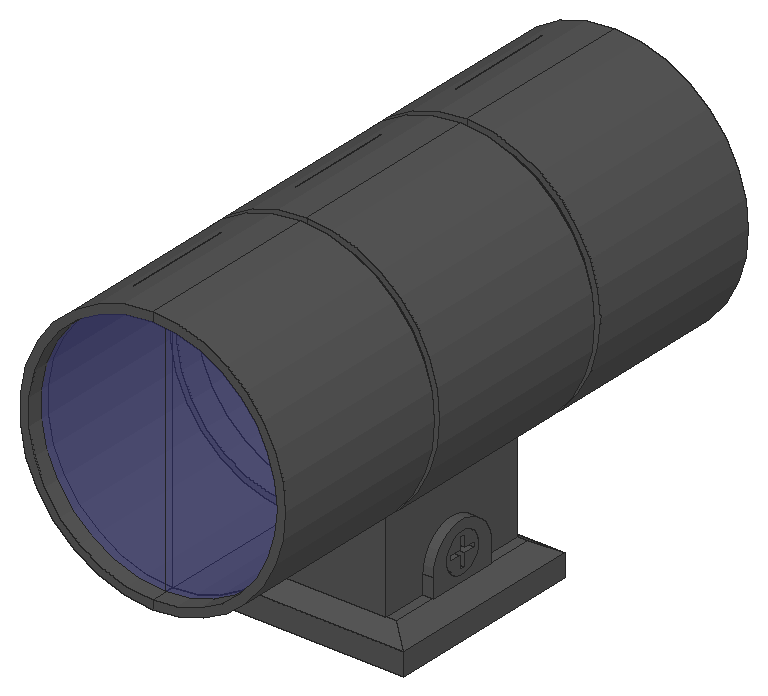
Revit family "CARLO CYLINDER LIGHT WALL MOUNT", category Lighting Fixtures, host Face, Revit 2020 (continued)
Types (10): name | Wattage_Input | Wattage Comments | Wattage | Photometric Web File | built-in parameter 1150142 | Model | built-in parameter 1150105 | Lumens | Light Length 1 | LIGHT RADIUS | LIGHT PLACEMENT | LIGHT LENGTH | LIGHT DIA | built-in parameter 1150106 | FIXED END HEIGHT | Curve base Height | Base Curve | BEAMING ANGLE | Apparent Load
    5.69 138.37 140.17 142.26 144.24 146 147.77 149.76 151.89 154.16 \r\n 156.61 159.32 162.26 165.37 168.8 172.68 177 181.7 187.07 193.33 \r\n 200.62 209.11 218.94 230.4 243.14 256.81 271.61 287.81 304.8 321.9 \r\n 339.6 358.29 377.54 397.16 416.81 435.76 454.92 475.31 495.86 515.62 \r\n 535.34 555.77 575.98 595.09 613.74 632.33 650.74 669.06 687.01 704.32 \r\n 720.97 736.68 751.88 767 781.78 796.36 810.05 822.06 832.92 842.97 \r\n 852.07 860.23 867.35 873.22 878.22 882.74 886.68 890.2 892.98 894.72 \r\n 896.17 \r\n892.81 896.07 895.65 893.32 889.59 884.91 879.22 872.51 865.08 857.46 \r\n 849.01 839.07 828.19 816.82 804.63 791.34 777.17 762.18 746.64 730.95 \r\n 714.72 697.48 679.73 661.92 643.74 624.98 605.83 586.48 566.8 546.49 \r\n 526.17 506.58 487.01 466.77 446.53 426.83 407.45 388.37 369.57 350.95 \r\n 332.74 315.16 298.17 281.65 266.11 252.4 239.4 225.67 213.08 203.43 \r\n 195.55 188.95 183.4 178.47 174.18 170.43 167.09 163.99 161.15 158.54 \r\n 156.14 153.9 151.81 149.82 147.95 146.24 144.63 143.11 141.58 139.95 \r\n 138.17 136.42 133.95 130.04 124.91 118.36 110.91 102.92 94.655 86.588 \r\n 78.438 70.037 61.52 52.84 44.386 36.459 29.281 23.193 18.141 14.142 \r\n 11.335 10.213 9.7331 8.9181 8.0712 7.1115 6.2134 5.5358 5.0439 4.8101 \r\n 4.6703 4.4675 4.2522 4.0146 3.7789 3.5687 3.3762 3.2023 3.0445 2.9037 \r\n 2.7704 2.6329 2.4989 2.3768 2.2525 2.1035 1.9631 1.8689 1.7867 1.6919 \r\n 1.5937 1.4886 1.3907 1.3225 1.2554 1.1571 1.0609 0.99575 0.94269 0.89594 \r\n 0.84519 0.76901 0.69502 0.65096 0.61508 0.57429 0.5309 0.47945 0.43011 0.39365 \r\n 0.36282 0.33502 0.3071 0.27178 0.2388 0.21881 0.20186 0.17955 0.15787 0.14114 \r\n 0.12597 0.11003 0.094474 0.079139 0.065612 0.056733 0.048577 0.036726 0.025496 0.018615 \r\n 0.013434 0.0080309 0.0039479 0.0026388 0.0024443 0.0021817 0.0018756 0.00091534 0.000023 0 \r\n 0 0 0 0 0 0 0 0 0 0 \r\n 0 0 0 0 0 0 0 0 0 0 \r\n 0 0 0 0 0.000035 0.0049874 0.010898 0.014446 0.0186 0.025414 \r\n 0.034318 0.046239 0.05874 0.069208 0.079103 0.088477 0.098937 0.11322 0.12799 0.13952 \r\n 0.15167 0.16743 0.18576 0.20618 0.23004 0.26097 0.29169 0.31278 0.33433 0.36475 \r\n 0.39969 0.43851 0.47851 0.51531 0.55334 0.59606 0.64206 0.694 0.75004 0.80946 \r\n 0.8716 0.93575 1.0013 1.0647 1.1338 1.2204 1.3083 1.3798 1.4504 1.5282 \r\n 1.6165 1.7271 1.8413 1.9372 2.036 2.1571 2.2847 2.4095 2.5308 2.6392 \r\n 2.7517 2.8771 3.0296 3.2349 3.4668 3.7107 3.9572 4.1799 4.4148 4.6874 \r\n 5.0027 5.3899 5.8009 6.1737 6.5788 7.0744 7.6352 8.2686 8.9345 9.5231 \r\n 10.251 11.053 12.663 15.935 20.449 26.144 32.794 40.296 48.217 55.916 \r\n 63.909 72.7 81.688 90.465 98.957 107.09 114.45 120.25 125.45 131.22 \r\n 136.16 138.73 140.48 142.57 144.56 146.33 148.11 150.14 152.32 154.63 \r\n 157.12 159.85 162.8 165.92 169.37 173.29 177.67 182.43 187.89 194.28 \r\n 201.73 210.41 220.41 232.01 244.85 258.67 273.59 289.87 306.91 324.03 \r\n 341.72 360.41 379.64 399.2 418.78 437.73 456.89 477.19 497.69 517.56 \r\n 537.36 557.59 577.55 596.57 615.18 633.76 652.13 670.3 688.1 705.37 \r\n 722.05 737.92 753.3 768.5 783.27 797.66 811.14 823.08 833.9 843.87 \r\n 852.88 860.93 867.96 873.77 878.74 883.23 887.15 890.59 893.27 894.9 \r\n 896.17 \r\n892.81 896.12 895.71 893.49 889.86 885.2 879.52 872.85 865.47 857.85 \r\n 849.42 839.58 828.8 817.38 805.13 791.95 777.94 763.07 747.59 731.79 \r\n 715.48 698.51 681.04 663.23 644.99 626.21 607.07 587.76 568.13 547.94 \r\n 527.72 508.1 488.49 468.32 448.16 428.41 408.96 389.83 370.99 352.38 \r\n 334.18 316.57 299.56 283.09 267.51 253.41 240.04 226.32 213.83 204.1 \r\n 196.11 189.44 183.84 178.88 174.59 170.85 167.53 164.43 161.58 158.96 \r\n 156.54 154.31 152.24 150.26 148.38 146.62 144.94 143.41 141.86 140.18 \r\n 138.38 136.76 134.38 130.17 124.82 118.65 111.66 103.85 95.629 87.453 \r\n 79.163 70.752 62.223 53.403 44.809 36.87 29.679 23.461 18.249 14.105 \r\n 11.17 9.95 9.4118 8.5934 7.7863 6.9176 6.1184 5.5043 5.0497 4.8125 \r\n 4.6573 4.4546 4.2447 4.0181 3.7941 3.5913 3.4025 3.2262 3.0642 2.9206 \r\n 2.7867 2.6548 2.5262 2.4027 2.2753 2.1247 1.9845 1.8947 1.8159 1.7162 \r\n 1.6127 1.5087 1.4135 1.3469 1.2804 1.1799 1.0816 1.0174 0.96545 0.91753 \r\n 0.8648 0.78625 0.71023 0.66585 0.62994 0.58942 0.54617 0.49394 0.44401 0.40838 \r\n 0.37862 0.35122 0.3234 0.28798 0.25462 0.23376 0.21597 0.19346 0.17182 0.15509 \r\n 0.14013 0.12507 0.11014 0.09408 0.079383 0.069236 0.060297 0.049347 0.039208 0.032416 \r\n 0.026614 0.019565 0.013437 0.010142 0.0082139 0.0071303 0.0059634 0.0028826 0.000074 0 \r\n 0 0 0 0 0 0 0 0 0 0 \r\n 0 0 0 0 0 0 0 0 0 0 \r\n 0 0 0 0 0 0.0035598 0.0079519 0.010886 0.014611 0.020616 \r\n 0.028883 0.040855 0.053637 0.06434 0.07438 0.083454 0.093832 0.10919 0.12501 0.13618 \r\n 0.14822 0.16592 0.18625 0.2072 0.2305 0.2587 0.28738 0.31072 0.33541 0.36747 \r\n 0.40301 0.44017 0.47892 0.51826 0.55924 0.60248 0.64844 0.70003 0.75586 0.81645 \r\n 0.8791 0.93988 1.003 1.071 1.1447 1.2295 1.3148 1.3878 1.4617 1.5462 \r\n 1.6395 1.7468 1.8567 1.9531 2.0557 2.186 2.3217 2.4446 2.5638 2.6793 \r\n 2.8016 2.9374 3.0978 3.3032 3.5333 3.7792 4.0277 4.2532 4.484 4.739 \r\n 5.0204 5.3392 5.6888 6.0536 6.4718 6.9867 7.5676 8.2096 8.8784 9.4262 \r\n 10.188 11.253 13.212 16.842 21.672 27.538 34.284 41.825 49.778 57.607 \r\n 65.684 74.354 83.175 91.857 100.29 108.44 115.82 121.64 126.76 132.15 \r\n 136.7 139.2 140.96 143.04 145.04 146.84 148.66 150.73 152.96 155.31 \r\n 157.85 160.61 163.59 166.74 170.23 174.21 178.65 183.5 189.06 195.63 \r\n 203.28 212.17 222.43 234.45 247.62 261.33 276.06 292.33 309.43 326.7 \r\n 344.54 363.3 382.51 401.83 421.21 440.31 459.64 479.81 500.17 520.18 \r\n 540.08 560.01 579.67 598.66 617.32 635.87 654.16 672.11 689.69 706.84 \r\n 723.52 739.68 755.34 770.56 785.22 799.38 812.64 824.51 835.28 845.06 \r\n 853.86 861.77 868.7 874.43 879.37 883.89 887.82 891.15 893.66 895.11 \r\n 896.17 \r\n892.81 896.15 895.75 893.61 890.09 885.45 879.77 873.16 865.83 858.18 \r\n 849.74 840.02 829.34 817.87 805.57 792.5 778.64 763.88 748.45 732.51 \r\n 716.1 699.4 682.22 664.4 646.09 627.31 608.19 588.91 569.33 549.26 \r\n 529.13 509.45 489.78 469.69 449.61 429.82 410.3 391.1 372.22 353.62 \r\n 335.44 317.79 300.75 284.34 268.73 254.21 240.44 226.8 214.47 204.68 \r\n 196.6 189.86 184.2 179.22 174.91 171.2 167.91 164.81 161.95 159.3 \r\n 156.87 154.65 152.59 150.62 148.75 146.93 145.2 143.64 142.08 140.35 \r\n 138.52 136.97 134.61 130.1 124.54 118.75 112.24 104.62 96.442 88.133 \r\n 79.682 71.267 62.742 53.803 45.091 37.161 29.972 23.623 18.255 14.011 \r\n 10.99 9.6719 9.0636 8.2426 7.4797 6.7094 6.0172 5.4714 5.0569 4.8162 \r\n 4.6444 4.441 4.2355 4.0195 3.8072 3.6121 3.4277 3.2497 3.0841 2.9376 \r\n 2.803 2.6769 2.5538 2.428 2.2971 2.1462 2.0071 1.9214 1.8452 1.7405 \r\n 1.6317 1.5297 1.4379 1.3725 1.3062 1.2047 1.1052 1.0414 0.98967 0.93994 \r\n 0.8849 0.80449 0.72695 0.68174 0.64513 0.60494 0.5621 0.50932 0.45901 0.42437 \r\n 0.39571 0.36843 0.34047 0.30518 0.27173 0.24995 0.23123 0.20852 0.18693 0.17013 \r\n 0.15535 0.14138 0.12727 0.11051 0.094618 0.083198 0.073481 0.063487 0.054445 0.04757 \r\n 0.040924 0.032062 0.023723 0.018248 0.014383 0.012257 0.010056 0.0048277 0.00012457 0 \r\n 0 0 0 0 0 0 0 0 0 0 \r\n 0 0 0 0 0 0 0 0 0 0 \r\n 0 0 0 0 0 0.002028 0.004741 0.0070129 0.010221 0.01514 \r\n 0.022452 0.034228 0.047074 0.057801 0.067867 0.076757 0.087194 0.10354 0.12036 0.13141 \r\n 0.14355 0.16316 0.18539 0.20686 0.22961 0.25504 0.28164 0.30736 0.33527 0.36888 \r\n 0.4049 0.44032 0.47778 0.51972 0.56372 0.60724 0.65299 0.70437 0.7601 0.82146 \r\n 0.88416 0.94131 1.002 1.0751 1.154 1.2362 1.3185 1.3934 1.4714 1.5624 \r\n 1.6604 1.7639 1.8692 1.9663 2.0727 2.2122 2.3561 2.4774 2.595 2.7173 \r\n 2.8494 2.9962 3.1653 3.3698 3.5972 3.8451 4.0959 4.3244 4.5511 4.7875 \r\n 5.0345 5.2853 5.5755 5.9379 6.3742 6.908 7.5065 8.1532 8.822 9.3286 \r\n 10.131 11.484 13.814 17.802 22.939 28.977 35.817 43.384 51.364 59.355 \r\n 67.552 76.1 84.739 93.301 101.65 109.78 117.17 123.08 128.18 133.12 \r\n 137.22 139.65 141.46 143.53 145.54 147.37 149.23 151.34 153.6 156.01 \r\n 158.59 161.38 164.38 167.57 171.1 175.13 179.64 184.56 190.23 196.96 \r\n 204.82 213.92 224.44 236.91 250.44 264.01 278.5 294.73 311.88 329.33 \r\n 347.35 366.18 385.35 404.42 423.6 442.87 462.4 482.46 502.68 522.82 \r\n 542.8 562.44 581.79 600.78 619.5 638.02 656.22 673.95 691.31 708.34 \r\n 725.04 741.49 757.45 772.65 787.17 801.09 814.11 825.92 836.63 846.22 \r\n 854.82 862.59 869.4 875.08 880.01 884.59 888.53 891.74 894.07 895.32 \r\n 896.17 \r\n892.81 896.16 895.76 893.71 890.28 885.67 880.02 873.47 866.19 858.51 \r\n 850.04 840.44 829.88 818.38 806.06 793.09 779.35 764.71 749.34 733.24 \r\n 716.73 700.27 683.36 665.54 647.16 628.41 609.33 590.07 570.55 550.58 \r\n 530.53 510.78 491.04 471.03 451.02 431.2 411.6 392.34 373.41 354.82 \r\n 336.65 318.96 301.87 285.52 269.89 254.96 240.81 227.27 215.12 205.28 \r\n 197.09 190.28 184.56 179.55 175.23 171.53 168.25 165.15 162.27 159.61 \r\n 157.15 154.94 152.89 150.94 149.06 147.19 145.41 143.83 142.26 140.49 \r\n 138.63 137.1 134.71 129.93 124.21 118.78 112.72 105.28 97.149 88.708 \r\n 80.097 71.68 63.166 54.138 45.339 37.424 30.236 23.749 18.228 13.918 \r\n 10.846 9.4313 8.7471 7.9258 7.2076 6.5286 5.9339 5.4487 5.0686 4.8237 \r\n 4.6361 4.4314 4.2296 4.0224 3.82 3.6319 3.4515 3.2726 3.1042 2.955 \r\n 2.8193 2.6982 2.5799 2.4516 2.3172 2.1668 2.0296 1.9466 1.8718 1.7626 \r\n 1.6496 1.5497 1.4612 1.3962 1.3297 1.2287 1.1295 1.0653 1.0125 0.96069 \r\n 0.90353 0.82208 0.74366 0.69706 0.65903 0.61927 0.57715 0.52405 0.4735 0.43973 \r\n 0.41197 0.3846 0.35637 0.32136 0.28801 0.26529 0.24558 0.22274 0.20125 0.18427 \r\n 0.16956 0.15671 0.14352 0.12611 0.1091 0.096563 0.086173 0.077028 0.068909 0.061786 \r\n 0.054199 0.043611 0.033213 0.025706 0.020022 0.016838 0.013621 0.0065055 0.00016864 0 \r\n 0 0 0 0 0 0 0 0 0 0 \r\n 0 0 0 0 0 0 0 0 0 0 \r\n 0 0 0 0 0 0.00066226 0.0018841 0.0036155 0.0063608 0.010123 \r\n 0.016357 0.027822 0.040607 0.051182 0.061164 0.070026 0.08067 0.097825 0.11548 0.1266 \r\n 0.13902 0.16032 0.1842 0.20614 0.22837 0.25125 0.27598 0.30403 0.33502 0.36992 \r\n 0.40621 0.44003 0.47636 0.52082 0.56762 0.61119 0.65658 0.70799 0.76381 0.82562 \r\n 0.88806 0.94186 1.0004 1.0786 1.1627 1.2421 1.3211 1.398 1.48 1.5771 \r\n 1.6793 1.7789 1.8796 1.9774 2.0876 2.2353 2.3867 2.5071 2.6237 2.7521 \r\n 2.8928 3.0505 3.2279 3.4307 3.6546 3.9043 4.1575 4.3889 4.6117 4.8301 \r\n 5.0458 5.2378 5.4787 5.8456 6.304 6.8561 7.4694 8.117 8.7839 9.254 \r\n 10.104 11.752 14.455 18.787 24.217 30.422 37.356 44.943 52.949 61.115 \r\n 69.444 77.886 86.349 94.777 103.02 111.08 118.45 124.48 129.59 134.08 \r\n 137.7 140.07 141.94 144 146 147.86 149.77 151.91 154.21 156.66 \r\n 159.28 162.08 165.1 168.33 171.91 175.97 180.53 185.53 191.3 198.19 \r\n 206.23 215.52 226.29 239.2 253.07 266.51 280.78 296.97 314.16 331.78 \r\n 349.97 368.86 387.99 406.83 425.82 445.28 465.01 484.97 505.06 525.3 \r\n 545.35 564.73 583.8 602.81 621.58 640.06 658.16 675.69 692.86 709.8 \r\n 726.52 743.25 759.47 774.63 788.98 802.65 815.44 827.18 837.83 847.27 \r\n 855.7 863.32 870.04 875.7 880.65 885.28 889.25 892.35 894.49 895.53 \r\n 896.17 \r\n892.81 896.15 895.76 893.78 890.45 885.9 880.29 873.81 866.58 858.88 \r\n 850.41 840.92 830.48 819 806.7 793.82 780.18 765.65 750.34 734.12 \r\n 717.53 701.27 684.59 666.76 648.34 629.63 610.62 591.41 571.92 552.03 \r\n 532.02 512.21 492.41 472.46 452.52 432.67 413.02 393.7 374.72 356.11 \r\n 337.94 320.2 303.07 286.77 271.11 255.84 241.38 227.92 215.9 205.99 \r\n 197.67 190.78 184.99 179.94 175.59 171.89 168.61 165.49 162.59 159.9 \r\n 157.42 155.2 153.16 151.21 149.33 147.42 145.6 144.01 142.43 140.64 \r\n 138.75 137.2 134.76 129.81 124 118.87 113.16 105.89 97.805 89.257 \r\n 80.513 72.089 63.586 54.51 45.661 37.752 30.545 23.912 18.238 13.885 \r\n 10.786 9.2812 8.521 7.7031 7.0266 6.4166 5.8928 5.4477 5.088 4.8374 \r\n 4.6368 4.4308 4.2316 4.0304 3.8348 3.6512 3.4737 3.2948 3.1249 2.9731 \r\n 2.8357 2.7178 2.6026 2.4718 2.3345 2.1855 2.0502 1.9678 1.8926 1.7804 \r\n 1.6649 1.5668 1.4806 1.4149 1.3477 1.2492 1.1522 1.0864 1.031 0.9773 \r\n 0.91874 0.83741 0.759 0.71023 0.67003 0.63085 0.58979 0.5366 0.48586 0.45259 \r\n 0.42529 0.39767 0.36915 0.3345 0.30133 0.27765 0.25695 0.23415 0.21287 0.19552 \r\n 0.18066 0.16883 0.15652 0.13856 0.1206 0.10727 0.096419 0.08785 0.0803 0.072776 \r\n 0.064271 0.052298 0.040314 0.031265 0.024201 0.020152 0.016127 0.0076709 0.00019958 0 \r\n 0 0 0 0 0 0 0 0 0 0 \r\n 0 0 0 0 0 0 0 0 0 0 \r\n 0 0 0 0 0 0 0 0.001482 0.00396 0.0067003 \r\n 0.011928 0.023103 0.035791 0.04607 0.055871 0.064901 0.075908 0.093597 0.1118 0.12315 \r\n 0.13597 0.15858 0.18369 0.20598 0.22781 0.24862 0.27189 0.30208 0.33577 0.37152 \r\n 0.4078 0.4404 0.47597 0.52265 0.57183 0.61519 0.66008 0.71183 0.76805 0.83006 \r\n 0.89211 0.94384 1.0005 1.0833 1.1717 1.2484 1.3242 1.4028 1.4883 1.5905 \r\n 1.6962 1.7922 1.8887 1.9874 2.1009 2.255 2.4123 2.5329 2.6496 2.7824 \r\n 2.9296 3.0968 3.2815 3.4818 3.7015 3.9527 4.2082 4.442 4.6617 4.8642 \r\n 5.0551 5.2063 5.4162 5.7958 6.2797 6.849 7.474 8.119 8.7831 9.2258 \r\n 10.129 12.063 15.122 19.771 25.471 31.839 38.867 46.474 54.505 62.836 \r\n 71.298 79.66 87.973 96.265 104.37 112.3 119.6 125.76 130.92 134.96 \r\n 138.11 140.44 142.36 144.41 146.39 148.28 150.23 152.39 154.72 157.2 \r\n 159.85 162.66 165.69 168.96 172.58 176.67 181.27 186.32 192.18 199.19 \r\n 207.4 216.86 227.84 241.11 255.27 268.65 282.78 298.93 316.16 333.9 \r\n 352.23 371.14 390.24 408.91 427.77 447.37 467.28 487.17 507.17 527.48 \r\n 547.56 566.74 585.6 604.61 623.42 641.83 659.82 677.21 694.26 711.15 \r\n 727.9 744.85 761.26 776.36 790.53 803.97 816.53 828.18 838.79 848.12 \r\n 856.43 863.93 870.56 876.25 881.26 885.95 889.93 892.92 894.9 895.73 \r\n 896.17 \r\n892.81 896.03 895.72 893.82 890.58 886.16 880.69 874.29 867.14 859.59 \r\n 851.26 841.84 831.5 820.3 808.27 795.44 781.81 767.34 752.1 735.98 \r\n 719.46 703.21 686.53 668.75 650.42 631.88 613.04 593.89 574.4 554.42 \r\n 534.34 514.58 494.83 474.86 454.89 435.09 415.48 396.09 377.02 358.34 \r\n 340.1 322.35 305.21 288.84 273.13 257.97 243.56 229.9 217.59 207.43 \r\n 198.9 191.85 185.94 180.8 176.37 172.57 169.2 166.02 163.08 160.35 \r\n 157.83 155.56 153.46 151.49 149.6 147.72 145.93 144.34 142.75 140.98 \r\n 139.11 137.56 135.17 130.47 124.89 119.76 114.02 106.81 98.808 90.326 \r\n 81.618 73.147 64.605 55.627 46.85 38.836 31.449 24.589 18.714 14.303 \r\n 11.186 9.6155 8.8033 8.0026 7.3397 6.6665 6.0604 5.5458 5.1341 4.8735 \r\n 4.6779 4.4715 4.2708 4.063 3.8599 3.6706 3.4898 3.3136 3.1471 2.9943 \r\n 2.8537 2.7293 2.6081 2.4766 2.3402 2.1924 2.0564 1.9657 1.8834 1.7762 \r\n 1.6667 1.5656 1.4744 1.4042 1.3359 1.2471 1.1588 1.0872 1.0242 0.97118 \r\n 0.91585 0.83835 0.76227 0.70948 0.66528 0.62781 0.58934 0.53609 0.48436 0.4494 \r\n 0.42059 0.39298 0.36486 0.33034 0.29701 0.27229 0.25079 0.22906 0.20876 0.19024 \r\n 0.17401 0.16225 0.15027 0.13197 0.11381 0.10134 0.09115 0.081639 0.072847 0.064634 \r\n 0.055939 0.044639 0.033786 0.02616 0.02045 0.017046 0.013627 0.0064818 0.00016864 0 \r\n 0 0 0 0 0 0 0 0 0 0 \r\n 0 0 0 0 0 0 0 0 0 0 \r\n 0 0 0.000009 0.00030211 0.00099951 0.0022776 0.0042464 0.0071898 0.010763 0.013758 \r\n 0.019043 0.030794 0.043883 0.053566 0.062872 0.072813 0.084699 0.10176 0.11924 0.13103 \r\n 0.14438 0.16668 0.19133 0.21347 0.23532 0.25626 0.27994 0.31133 0.34585 0.38049 \r\n 0.41558 0.44866 0.48523 0.53301 0.58289 0.62535 0.66927 0.72225 0.78003 0.84233 \r\n 0.90488 0.95842 1.0177 1.1008 1.1887 1.2648 1.3397 1.4165 1.5008 1.6043 \r\n 1.7113 1.8055 1.9001 1.9995 2.1139 2.2664 2.4232 2.5496 2.6715 2.8016 \r\n 2.9448 3.1128 3.2982 3.4952 3.7113 3.9622 4.218 4.4506 4.6696 4.8676 \r\n 5.0676 5.2687 5.5346 5.9466 6.4508 7.0287 7.6553 8.2962 8.9614 9.4056 \r\n 10.36 12.468 15.747 20.616 26.516 33.022 40.145 47.796 55.851 64.215 \r\n 72.712 81.147 89.488 97.689 105.6 113.13 120.08 126.33 131.6 135.4 \r\n 138.28 140.55 142.47 144.48 146.44 148.31 150.25 152.43 154.78 157.24 \r\n 159.87 162.65 165.67 168.95 172.59 176.66 181.23 186.27 192.15 199.2 \r\n 207.46 217.01 228.06 241.2 255.3 269.08 283.64 299.9 317.09 334.74 \r\n 352.92 371.68 390.7 409.54 428.58 448.13 467.95 487.94 508.04 528.24 \r\n 548.21 567.45 586.38 605.32 624 642.23 660.1 677.58 694.79 711.85 \r\n 728.73 745.64 761.94 776.93 790.97 804.2 816.56 828.04 838.57 848.08 \r\n 856.58 864.02 870.59 876.48 881.7 886.42 890.36 893.32 895.2
